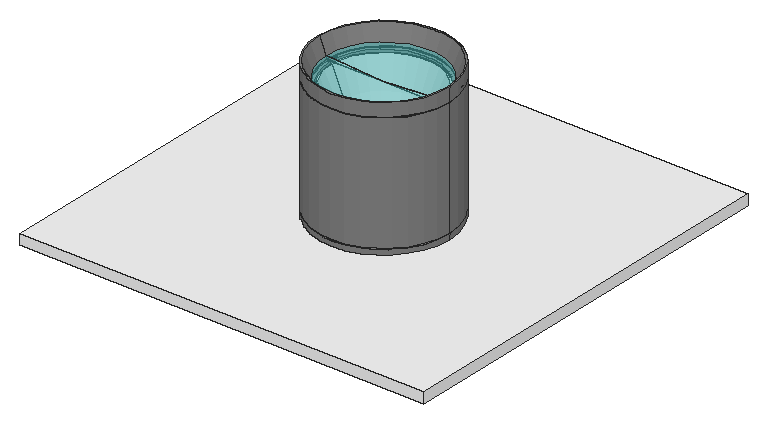
Revit family "BE_24401_de_DE", category Leuchten, Revit 2020
Family settings
  Basisbauteil = Fläche
  Bemaßung runder Anschluss = Durchmesser verwenden
  Teiletyp = Normal
  Beim Laden mit Abzugskörper schneiden = Ja
  Lichtquelle = Ja
  Gemeinsam genutzt = Nein
  Raumberechnungspunkt = Ja
Parameters (values of type "BEGA_24401_Grafit_K4")
  built-in parameter 1150104 = 13.006 (stored number, unit not read)
  Wattage = 16.8 W
  Default Elevation = 0 mm
  built-in parameter 1150113 = 1 (stored number, unit not read)
  built-in parameter 1114218 = 1 (stored number, unit not read)
  Umgebungstemperatur = "25 °C"
  URL = "https://www.bega.com/de/produkt/24401"
  Typenkommentare = "© 2022 BEGA. Wir behalten uns das Recht vor, technische Änderungen ohne vorherige Ankündigung vorzunehmen."  # constant formula
  Type Image = 24401.png
  built-in parameter 1150134 = 12
  built-in parameter 1150109 = 1 (stored number, unit not read)
  Strom = ""
  built-in parameter 1150110 = 1 (stored number, unit not read)
  Spannung = 239.996 V
  Sonderanfertigung = no
  Seriennummer [instance] = "Hier können Sie die eindeutige Seriennummer für das Facility Management eintragen."
  Schutzklasse = "I"
  Schutzart = "IP 65"
  Scheinlast = 0 VA
  Produktdatenblatt = "https://cdn.bega.com/bega/products/24401WK3/current/documents/data-sheets/de"
  Oberflächentemperatur = ""
  Neigungswinkel = 0.00°
  Modell = "24401K4"
  Material_17 = BEGA_Reflektor
  Material_15 = BEGA_Leuchtmedium_matt
  Material_11 = BEGA_Glas_opal
  Material_09 = BEGA_Glas_klar
  Material_06 = BEGA_Oberfläche_Edelstahl_gebürstet
  Material_03 = BEGA_Oberfläche_Weiss_matt
  Material_02 = BEGA_Oberfläche_Silber_matt
  Material_01 [instance] = BEGA_Oberfläche_Grafit_matt
  M_W = no
  M_G = yes
  M_A = no
  Logo = 0
  built-in parameter 1114217 = 1 (stored number, unit not read)
  built-in parameter 1150139 = (empty or 0)
  built-in parameter 1150105 = 187.17 (stored number, unit not read)
  built-in parameter 1150114 = 1 (stored number, unit not read)
  Lumens = 2352 lm
  built-in parameter 1150115 = 1 (stored number, unit not read)
  Leuchtenlichtstrom = "2262 lm"
  Leuchtenanzahl = ""
  Lebensdauerkriterien = "L70B50 @ 25 °C = 180000 h"
  Lastklassifizierung = Beleuchtung
  built-in parameter 1150112 = 1 (stored number, unit not read)
  Lampenlichtstrom = "2920 lm"
  Lampe = "LED 16.8 W"
  LED_Modulbezeichnung = "LED-0800/840"
  Hersteller = "BEGA"  # constant formula
  Halbstreuwinkel = ""
  Gewicht = "1.35 kg"
  Gebrauchslageneinschränkung [instance] = ""
  Frequenz = "0/50-60 Hz"
  Farbwiedergabeindex = "CRI > 80"
  Farbtemperaturverschiebung bei Dämpfen der Lampe = <Keine Auswahl>
  Farbtemperatur = "4000 K"
  Color Filter = 16777215
  built-in parameter 1150133 = 10 (stored number, unit not read)
  Energieeffizienzklasse = "LED A++ - A"
  built-in parameter 1150137 = (empty or 0)
  built-in parameter 1150132 = (empty or 0)
  ENEC = "ja"
  Dimmbar [instance] = "DALI"
  Datei für fotometrisches Netz = "BE_24401K4.IES"
  CE_Konformität = "ja"
  Bestellnummer = "24401K4"
  Beschreibung_Sonderanfertigung = "Hier können Sie Informationen zur Sonderanfertigung eintragen."
  Beschreibung = "Deckenaufbau-Tiefstrahler"
  built-in parameter 1150106 = 1.8717 (stored number, unit not read)
  Befestigungsbohrung = "Ø 4,3 mm"
  Befestigungsabstand = "106 mm"
  Ballwurfsicher = ""
  BEGA_Intern_aus = yes
  BEGA_Intern_an = yes
  BEGA_Intern_Konstruktion = yes
  BEGA_Intern = yes
  BEGA_IES = yes
  BEGA_Dummy = no
  Anschlussleitung = ""
  Anschlussleistung [instance] = "19.3 W"
  Anschlusskasten = ""
  built-in parameter 1150107 = 4000 (stored number, unit not read)
  built-in parameter 1150102 = (empty or 0)
  built-in parameter 1150138 = (empty or 0)
  Aktualisierung = "2022-05-18T04:00:07"
  Abstand_zur_angestrahlten_Fläche [instance] = ""
  AC/DC = "AC/DC"
Types (4, lengths in mm): name | built-in parameter 1150104 | built-in parameter 1150134 | Modell | M_W | M_G | built-in parameter 1150105 | Lumens | Leuchtenlichtstrom | Lampenlichtstrom | LED_Modulbezeichnung | Farbtemperatur | Datei für fotometrisches Netz | Bestellnummer | built-in parameter 1150106 | built-in parameter 1150107
  BEGA_24401_Weiß_K4 | 13.006 (stored number, unit not read) | 12 | "24401WK4" | yes | no | 187.17 (stored number, unit not read) | 2352 lm | "2262 lm" | "2920 lm" | "LED-0800/840" | "4000 K" | "BE_24401K4.IES" | "24401WK4" | 1.8717 (stored number, unit not read) | 4000 (stored number, unit not read)
  BEGA_24401_Grafit_K3 | 12.728 (stored number, unit not read) | (empty or 0) | "24401K3" | no | yes | 183.16 (stored number, unit not read) | 2301.6 lm | "2208 lm" | "2850 lm" | "LED-0800/830" | "3000 K" | "BE_24401K3.IES" | "24401K3" | 1.8316 (stored number, unit not read) | 3000 (stored number, unit not read)
  BEGA_24401_Grafit_K4 | 13.006 (stored number, unit not read) | 12 | "24401K4" | no | yes | 187.17 (stored number, unit not read) | 2352 lm | "2262 lm" | "2920 lm" | "LED-0800/840" | "4000 K" | "BE_24401K4.IES" | "24401K4" | 1.8717 (stored number, unit not read) | 4000 (stored number, unit not read)
  BEGA_24401_Weiß_K3 | 12.728 (stored number, unit not read) | (empty or 0) | "24401WK3" | yes | no | 183.16 (stored number, unit not read) | 2301.6 lm | "2208 lm" | "2850 lm" | "LED-0800/830" | "3000 K" | "BE_24401K3.IES" | "24401WK3" | 1.8316 (stored number, unit not read) | 3000 (stored number, unit not read)
Reference planes
  plane 1 "Mitte (Vorne/Hinten)": y = 0
  plane 2: z = 0
  plane 3 "Mitte (Links/Rechts)": x = 0
  plane 4 "Links": x = -65
  plane 5 "Rechts": x = 65
  plane 6 "Unten": y = -65
  plane 7 "Oben": y = 65
  plane 8 "Vorne": z = 135.379
  plane 9 "Hinten": z = 0
Forms (mm)
  Extrusion 1, solid, material "BEGA_Platte_Weiss"
    sketch origin (0, -1119.2, 0) x (1, 0, 0) y (0, 1, 0)
      loop
        line (-200, 1319.2) -> (-200, 919.2) -> (200, 919.2) -> (200, 1319.2) -> (-200, 1319.2)
    from 0 to -10
  Extrusion 2, solid, material "BEGA_Dummy_matt", visible <- "BEGA_Dummy"
    sketch origin (77.149, -76.023, 0) x (1, 0, 0) y (0, 1, 0)
      loop
        circle (-77.149, 76.023) r 65
    from 0 to 135.379
Dimensions and locks
  plane 1 "Mitte (Vorne/Hinten)" to Extrusion 1 = 200 mm
  aligned and locked: plane 2 to Extrusion 1
  aligned and locked: level to Extrusion 1
Nested families
  nested 1: "BE_24401" at (0, 0, 0), type "BE_24401"
Connectors
  electrical at (0, 0, 0), driven by "Lastklassifizierung", driven by "Spannung", driven by "Scheinlast"
    settings: index 1, voltage 239.996 V, apparent load 0 VA, apparent load phase1 0 VA, apparent load phase2 0 VA, apparent load phase3 0 VA, power factor 1, load classification "Beleuchtung", number of poles 1, system type 31, power factor state 1, is connector primary yes, connector utility no, sub classification motor no, connector description ""
Definition of nested family "BE_24401"
  Parameters (values of type "BE_24401")
    Default Elevation = 1 mm
    URL = "http://www.bega.de/de/produkt"
    Type Comments = "© 2015 BEGA. Wir behalten uns das Recht vor, technische Änderungen ohne vorherige Ankündigung vorzunehmen. "  # constant formula
    Type Image = (empty or 0)
    Neigungswinkel_um_Z2 = 0.00°
    Neigungswinkel_um_Z1 = 0.00°
    Neigungswinkel_um_Y2 = 0.00°
    Neigungswinkel_um_Y1 = 0.00°
    Neigungswinkel_um_X2 = 0.00°
    Neigungswinkel_um_X1 = 0.00°
    Material_17 = none
    Material_15 = none
    Material_11 = none
    Material_09 = none
    Material_06 = none
    Material_03 = none
    Material_02 = none
    Material_01 = none
    M_W = no
    M_G = yes
    M_A = no
    Länge_Platte = 200 mm  # constant formula
    Höhe_Platte = -10 mm  # constant formula
    Manufacturer = "BEGA"  # constant formula
    Drehwinkel_um_Z2 = 0.00°
    Drehwinkel_um_Z1 = 0.00°
    Breite_Platte = 200 mm  # constant formula
  Reference planes
    plane 1 "Mitte (Oben/Unten)": y = 0
    plane 2: z = 0
    plane 3 "Mitte (Links/Rechts)": x = 0
    plane 4 "Hinten": z = -25
    plane 5 "Links": x = -65
    plane 6 "Oben": y = 65
    plane 7 "Unten": y = -65
    plane 8: z = 135.2
    plane 9: x = 65
  Forms (mm)
    Extrusion 1, solid, detail levels medium
      sketch origin (0, 0, 0) x (1, 0, 0) y (0, 1, 0)
        loop
          line (-100, 100) -> (-100, -100) -> (100, -100) -> (100, 100) -> (-100, 100)
      from 0 to -10 <- "Höhe_Platte"
    Revolve 2, solid, material <- "Material_01", visible <- "M_G"
      sketch origin (0, 0, 0) x (1, 0, 0) y (0, 0, 1)
        loop
          line (-65, 121.2) -> (-65, 6) -> (-64.092, 6) -> (-63, 9) -> (-62.1, 25) -> (-55, 25) -> (-54.11, 50.5) -> (0, 50.5) -> (0, 55.5) -> (-53.369, 55.5) -> (-54.966, 101.236)
          arc (-54.966, 101.236) -> (-55.271, 101.92) -> (-55.966, 102.2) r 1
          line (-55.966, 102.2) -> (-62.302, 102.2) -> (-62.845, 117.775) -> (-64.092, 121.2) -> (-65, 121.2)
        axis (0, 6) -> (0, 121.2)
      angle from 0 to 360
    Revolve 3, solid, material <- "Material_17"
      sketch origin (0, 0, 0) x (1, 0, 0) y (0, 0, 1)
        loop
          arc (-52.341, 113) -> (-40.494, 85.573) -> (-25.593, 59.678) r 261.2
          arc (-25.593, 59.678) -> (-25.072, 59.192) -> (-24.386, 59) r 1.5
          line (-24.386, 59) -> (-23, 59)
          arc (-23, 59) -> (-22.613, 59.184) -> (-22.51, 59.6) r 0.5
          arc (-22.51, 59.6) -> (-22.613, 60.016) -> (-23, 60.2) r 0.5
          line (-23, 60.2) -> (-24.484, 60.2)
          arc (-24.484, 60.2) -> (-39.558, 86.414) -> (-51.486, 114.2) r 259.987
          line (-51.486, 114.2) -> (-56.02, 114.198) -> (-56.5, 113) -> (-52.341, 113)
        axis (0, 59) -> (0, 114.2)
      angle from 0 to 360
    Revolve 4, solid, material <- "Material_09"
      sketch origin (0, 0, 0) x (1, 0, 0) y (0, 0, 1)
        loop
          line (0, 120.8) -> (-56, 120.8) -> (-56, 116.7) -> (0, 116.7) -> (0, 120.8)
        axis (0, 120.8) -> (0, 116.7)
      angle from 0 to 360
    Revolve 5, solid, material <- "Material_01", visible <- "M_G"
      sketch origin (0, 0, 0) x (1, 0, 0) y (0, 0, 1)
        loop
          line (-63.5, 135.2) -> (-65, 135.2) -> (-65, 122.217) -> (-62.884, 121.994) -> (-61, 118.468) -> (-62, 117.891) -> (-62, 109.35) -> (-60.078, 108.7) -> (-57.839, 108.7) -> (-57.704, 112.686) -> (-56.75, 114.2) -> (-53.087, 114.2) -> (-53.017, 116.2) -> (-56.465, 116.2) -> (-56.5, 117.2) -> (-63.5, 135.2)
        axis (0, 108.7) -> (0, 135.2)
      angle from 0 to 360
    Revolve 6, solid, material <- "Material_03", visible <- "M_W"
      sketch origin (0, 0, 0) x (1, 0, 0) y (0, 0, 1)
        loop
          line (-65, 121.2) -> (-65, 6) -> (-64.092, 6) -> (-63, 9) -> (-62.1, 25) -> (-55, 25) -> (-54.11, 50.5) -> (0, 50.5) -> (0, 55.5) -> (-53.369, 55.5) -> (-54.966, 101.236)
          arc (-54.966, 101.236) -> (-55.271, 101.92) -> (-55.966, 102.2) r 1
          line (-55.966, 102.2) -> (-62.302, 102.2) -> (-62.845, 117.775) -> (-64.092, 121.2) -> (-65, 121.2)
        axis (0, 6) -> (0, 121.2)
      angle from 0 to 360
    Revolve 7, solid, material <- "Material_03", visible <- "M_W"
      sketch origin (0, 0, 0) x (1, 0, 0) y (0, 0, 1)
        loop
          line (-63.5, 135.2) -> (-65, 135.2) -> (-65, 122.217) -> (-62.884, 121.994) -> (-61, 118.468) -> (-62, 117.891) -> (-62, 109.35) -> (-60.078, 108.7) -> (-57.839, 108.7) -> (-57.704, 112.686) -> (-56.75, 114.2) -> (-53.087, 114.2) -> (-53.017, 116.2) -> (-56.465, 116.2) -> (-56.5, 117.2) -> (-63.5, 135.2)
        axis (0, 108.7) -> (0, 135.2)
      angle from 0 to 360
    Revolve 8, solid, material <- "Material_15"
      sketch origin (0, 0, 0) x (1, 0, 0) y (0, 0, 1)
        loop
          line (0, 55.5) -> (0, 57.05) -> (-16, 57.05) -> (-16, 55.5) -> (0, 55.5)
        axis (0, 55.5) -> (0, 57.05)
      angle from 0 to 360
    Revolve 9, solid, material <- "Material_01", visible <- "M_G"
      sketch origin (0, 0, 0) x (1, 0, 0) y (0, 0, 1)
        loop
          line (0, 16.965) -> (-62, 16.965) -> (-62, 5.299) -> (-65, 4.983) -> (-65, 0) -> (-58.105, 0) -> (-57.651, 13) -> (0, 13) -> (0, 16.965)
        axis (0, 16.965) -> (0, 0)
      angle from 0 to 360
    Extrusion 10, solid, material <- "Material_01", visible <- "M_G"
      sketch origin (0, 0, 0) x (1, 0, 0) y (0, 1, 0)
        loop
          circle (-52.936, 0) r 6.124
        loop
          circle (-52.936, 0) r 2.126
        loop
          circle (52.936, 0) r 6.124
        loop
          circle (52.936, 0) r 2.126
      from 0 to 19.372
    Revolve 11, solid, material <- "Material_03", visible <- "M_W"
      sketch origin (0, 0, 0) x (1, 0, 0) y (0, 0, 1)
        loop
          line (0, 16.965) -> (-62, 16.965) -> (-62, 5.299) -> (-65, 4.983) -> (-65, 0) -> (-58.105, 0) -> (-57.651, 13) -> (0, 13) -> (0, 16.965)
        axis (0, 16.965) -> (0, 0)
      angle from 0 to 360
    Extrusion 12, solid, material <- "Material_03", visible <- "M_W"
      sketch origin (0, 0, 0) x (1, 0, 0) y (0, 1, 0)
        loop
          circle (-52.936, 0) r 6.124
        loop
          circle (-52.936, 0) r 2.126
        loop
          circle (52.936, 0) r 6.124
        loop
          circle (52.936, 0) r 2.126
      from 0 to 19.372
    Extrusion 13, void
      sketch origin (0, 0, 0) x (1, 0, 0) y (0, 1, 0)
        loop
          circle (-25, -37.5) r 7.197
        loop
          circle (-25, 37.5) r 7.197
      from 0 to 18.348
  Cuts and joins
    Extrusion 13 cuts Revolve 9
    Extrusion 13 cuts Extrusion 10
    joined: Revolve 9, Extrusion 10
    Extrusion 13 cuts Revolve 11
    Extrusion 13 cuts Extrusion 12
    joined: Revolve 11, Extrusion 12
    Extrusion 13 cuts Revolve 2
    Extrusion 13 cuts Revolve 3
    Extrusion 13 cuts Revolve 4
    Extrusion 13 cuts Revolve 6
  Dimensions and locks
    equal spacing: Extrusion 1 sketch curve, plane 3 "Mitte (Links/Rechts)", Extrusion 1 sketch curve
    equal spacing: Extrusion 1 sketch curve, plane 1 "Mitte (Oben/Unten)", Extrusion 1 sketch curve
    "Länge_Platte": Extrusion 1 sketch curve to Extrusion 1 sketch curve
    "Breite_Platte": Extrusion 1 sketch curve to Extrusion 1 sketch curve
    aligned and locked: plane 2 to Extrusion 1
    aligned and locked: level to Extrusion 1
  Automatic sketch dimensions
    Revolve 2 sketch curve to plane 3 "Mitte (Links/Rechts)" = 0 mm  (x2)
    Revolve 2 sketch curve to plane 3 "Mitte (Links/Rechts)" = 53.369 mm
    Revolve 2 sketch curve to Revolve 2 sketch curve = 0.74 mm
    Revolve 2 sketch curve to Revolve 2 sketch curve = 1.597 mm
    Revolve 2 sketch curve to Revolve 2 sketch curve = 0.89 mm
    Revolve 2 sketch curve to Revolve 2 sketch curve = 0.999 mm
    Revolve 2 sketch curve to Revolve 2 sketch curve = 7.1 mm
    Revolve 2 sketch curve to Revolve 2 sketch curve = 6.336 mm
    Revolve 2 sketch curve to Revolve 2 sketch curve = 0.544 mm
    level to Revolve 2 sketch curve = 9 mm
    Revolve 2 sketch curve to Revolve 2 sketch curve = 0.9 mm
    Revolve 2 sketch curve to Revolve 2 sketch curve = 1.246 mm
    level to Revolve 2 sketch curve = 6 mm
    Revolve 2 sketch curve to Revolve 2 sketch curve = 1.092 mm
    Revolve 2 sketch curve to Revolve 2 sketch curve = 0.908 mm
    Revolve 2 sketch curve to Revolve 2 sketch curve = 16 mm
    level to Revolve 2 sketch curve = 50.5 mm
    Revolve 2 sketch curve to Revolve 2 sketch curve = 5 mm
    Revolve 2 sketch curve to Revolve 2 sketch curve = 45.7 mm
    Revolve 2 sketch curve to Revolve 2 sketch curve = 0.036 mm
    Revolve 2 sketch curve to Revolve 2 sketch curve = 15.575 mm
    Revolve 2 sketch curve to Revolve 2 sketch curve = 3.425 mm
    Revolve 2 sketch curve to Revolve 2 sketch curve = 8.8 mm
    Revolve 2 sketch curve to Revolve 2 sketch curve = 31.2 mm
    Revolve 3 sketch curve to Revolve 3 sketch curve = 0 mm  (x5)
    Revolve 3 sketch curve to plane 3 "Mitte (Links/Rechts)" = 0 mm
    Revolve 3 sketch curve to plane 3 "Mitte (Links/Rechts)" = 23 mm
    Revolve 3 sketch curve to Revolve 3 sketch curve = 1.337 mm
    Revolve 3 sketch curve to Revolve 3 sketch curve = 1.386 mm
    Revolve 3 sketch curve to Revolve 3 sketch curve = 0.146 mm
    Revolve 3 sketch curve to plane 3 "Mitte (Links/Rechts)" = 51.486 mm
    Revolve 3 sketch curve to Revolve 3 sketch curve = 0.855 mm
    Revolve 3 sketch curve to Revolve 3 sketch curve = 3.68 mm
    Revolve 3 sketch curve to Revolve 3 sketch curve = 0.48 mm
    Revolve 3 sketch curve to Revolve 3 sketch curve = 0.002 mm
    Revolve 3 sketch curve to Revolve 3 sketch curve = 1.198 mm
    Revolve 3 sketch curve to Revolve 3 sketch curve = 0.299 mm
    Revolve 3 sketch curve to Revolve 3 sketch curve = 0.5 mm  (x2)
    Revolve 3 sketch curve to Revolve 3 sketch curve = 0.2 mm
    Revolve 3 sketch curve to Revolve 3 sketch curve = 25.304 mm
    Revolve 3 sketch curve to Revolve 3 sketch curve = 12.968 mm
    Revolve 4 sketch curve to plane 3 "Mitte (Links/Rechts)" = 0 mm  (x2)
    Revolve 4 sketch curve to Revolve 4 sketch curve = 56 mm
    Revolve 4 sketch curve to Revolve 4 sketch curve = 4.1 mm
    Revolve 4 sketch curve to Revolve 4 sketch curve = 6.161 mm
    Revolve 4 sketch curve to Revolve 4 sketch curve = 5 mm
    Revolve 5 sketch curve to plane 3 "Mitte (Links/Rechts)" = 0 mm
    Revolve 5 sketch curve to plane 3 "Mitte (Links/Rechts)" = 53.017 mm
    Revolve 5 sketch curve to Revolve 5 sketch curve = 0.07 mm
    Revolve 5 sketch curve to Revolve 5 sketch curve = 3.448 mm
    Revolve 5 sketch curve to Revolve 5 sketch curve = 0.035 mm
    Revolve 5 sketch curve to Revolve 5 sketch curve = 0.285 mm
    Revolve 5 sketch curve to Revolve 5 sketch curve = 0.954 mm
    Revolve 5 sketch curve to Revolve 5 sketch curve = 0.136 mm
    Revolve 5 sketch curve to Revolve 5 sketch curve = 2.239 mm
    Revolve 5 sketch curve to Revolve 5 sketch curve = 4.5 mm
    Revolve 5 sketch curve to Revolve 5 sketch curve = 1.922 mm
    Revolve 5 sketch curve to Revolve 5 sketch curve = 1.884 mm
    Revolve 5 sketch curve to Revolve 5 sketch curve = 0.616 mm
    Revolve 5 sketch curve to Revolve 5 sketch curve = 2.116 mm
    Revolve 5 sketch curve to Revolve 5 sketch curve = 0.65 mm
    Revolve 5 sketch curve to Revolve 5 sketch curve = 3.986 mm
    Revolve 5 sketch curve to Revolve 5 sketch curve = 1.514 mm
    Revolve 5 sketch curve to Revolve 5 sketch curve = 2 mm
    Revolve 5 sketch curve to Revolve 5 sketch curve = 1 mm
    Revolve 5 sketch curve to Revolve 5 sketch curve = 0.691 mm
    Revolve 5 sketch curve to Revolve 5 sketch curve = 0.577 mm
    Revolve 5 sketch curve to Revolve 5 sketch curve = 3.526 mm
    Revolve 5 sketch curve to Revolve 5 sketch curve = 0.222 mm
    Revolve 5 sketch curve to Revolve 5 sketch curve = 12.983 mm
    Revolve 5 sketch curve to Revolve 5 sketch curve = 15 mm
    Revolve 5 sketch curve to Revolve 5 sketch curve = 16.437 mm
    Revolve 6 sketch curve to plane 3 "Mitte (Links/Rechts)" = 0 mm  (x2)
    Revolve 6 sketch curve to plane 3 "Mitte (Links/Rechts)" = 53.369 mm
    Revolve 6 sketch curve to Revolve 6 sketch curve = 0.74 mm
    Revolve 6 sketch curve to Revolve 6 sketch curve = 1.597 mm
    Revolve 6 sketch curve to Revolve 6 sketch curve = 0.89 mm
    Revolve 6 sketch curve to Revolve 6 sketch curve = 0.999 mm
    Revolve 6 sketch curve to Revolve 6 sketch curve = 7.1 mm
    Revolve 6 sketch curve to Revolve 6 sketch curve = 6.336 mm
    Revolve 6 sketch curve to Revolve 6 sketch curve = 0.544 mm
    level to Revolve 6 sketch curve = 9 mm
    Revolve 6 sketch curve to Revolve 6 sketch curve = 0.9 mm
    Revolve 6 sketch curve to Revolve 6 sketch curve = 1.246 mm
    level to Revolve 6 sketch curve = 6 mm
    Revolve 6 sketch curve to Revolve 6 sketch curve = 1.092 mm
    Revolve 6 sketch curve to Revolve 6 sketch curve = 0.908 mm
    Revolve 6 sketch curve to Revolve 6 sketch curve = 16 mm
    level to Revolve 6 sketch curve = 50.5 mm
    Revolve 6 sketch curve to Revolve 6 sketch curve = 5 mm
    Revolve 6 sketch curve to Revolve 6 sketch curve = 45.7 mm
    Revolve 6 sketch curve to Revolve 6 sketch curve = 0.036 mm
    Revolve 6 sketch curve to Revolve 6 sketch curve = 15.575 mm
    Revolve 6 sketch curve to Revolve 6 sketch curve = 3.425 mm
    Revolve 6 sketch curve to Revolve 6 sketch curve = 8.8 mm
    Revolve 6 sketch curve to Revolve 6 sketch curve = 31.2 mm
    Revolve 7 sketch curve to plane 3 "Mitte (Links/Rechts)" = 0 mm
    Revolve 7 sketch curve to plane 3 "Mitte (Links/Rechts)" = 53.017 mm
    Revolve 7 sketch curve to Revolve 7 sketch curve = 0.07 mm
    Revolve 7 sketch curve to Revolve 7 sketch curve = 3.448 mm
    Revolve 7 sketch curve to Revolve 7 sketch curve = 0.035 mm
    Revolve 7 sketch curve to Revolve 7 sketch curve = 0.285 mm
    Revolve 7 sketch curve to Revolve 7 sketch curve = 0.954 mm
    Revolve 7 sketch curve to Revolve 7 sketch curve = 0.136 mm
    Revolve 7 sketch curve to Revolve 7 sketch curve = 2.239 mm
    Revolve 7 sketch curve to Revolve 7 sketch curve = 4.5 mm
    Revolve 7 sketch curve to Revolve 7 sketch curve = 1.922 mm
    Revolve 7 sketch curve to Revolve 7 sketch curve = 1.884 mm
    Revolve 7 sketch curve to Revolve 7 sketch curve = 0.616 mm
    Revolve 7 sketch curve to Revolve 7 sketch curve = 2.116 mm
    Revolve 7 sketch curve to Revolve 7 sketch curve = 0.65 mm
    Revolve 7 sketch curve to Revolve 7 sketch curve = 3.986 mm
    Revolve 7 sketch curve to Revolve 7 sketch curve = 1.514 mm
    Revolve 7 sketch curve to Revolve 7 sketch curve = 2 mm
    Revolve 7 sketch curve to Revolve 7 sketch curve = 1 mm
    Revolve 7 sketch curve to Revolve 7 sketch curve = 0.691 mm
    Revolve 7 sketch curve to Revolve 7 sketch curve = 0.577 mm
    Revolve 7 sketch curve to Revolve 7 sketch curve = 3.526 mm
    Revolve 7 sketch curve to Revolve 7 sketch curve = 0.222 mm
    Revolve 7 sketch curve to Revolve 7 sketch curve = 12.983 mm
    Revolve 7 sketch curve to Revolve 7 sketch curve = 15 mm
    Revolve 7 sketch curve to Revolve 7 sketch curve = 16.437 mm
    Revolve 8 sketch curve to plane 3 "Mitte (Links/Rechts)" = 0 mm  (x2)
    Revolve 8 sketch curve to Revolve 8 sketch curve = 16 mm
    level to Revolve 8 sketch curve = 55.5 mm
    Revolve 8 sketch curve to Revolve 8 sketch curve = 1.55 mm
    Revolve 8 sketch curve to Revolve 8 sketch curve = 1.95 mm
    Revolve 8 sketch curve to Revolve 8 sketch curve = 2.56 mm
    level to Revolve 3 sketch curve = 59 mm
    Revolve 3 sketch curve to Revolve 3 sketch curve = 52.501 mm
    level to Revolve 4 sketch curve = 116.7 mm
    level to Revolve 5 sketch curve = 108.7 mm
    level to Revolve 7 sketch curve = 108.7 mm
    plane 3 "Mitte (Links/Rechts)" to Revolve 3 sketch curve = 192.978 mm
    Revolve 9 sketch curve to level = 0 mm
    Revolve 9 sketch curve to plane 5 "Links" = 0 mm
    Revolve 9 sketch curve to plane 3 "Mitte (Links/Rechts)" = 0 mm  (x2)
    plane 5 "Links" to Revolve 9 sketch curve = 3 mm
    Revolve 9 sketch curve to Revolve 9 sketch curve = 3.895 mm
    Revolve 9 sketch curve to Revolve 9 sketch curve = 4.349 mm
    Revolve 9 sketch curve to Revolve 9 sketch curve = 4.983 mm
    Revolve 9 sketch curve to Revolve 9 sketch curve = 0.315 mm
    Revolve 9 sketch curve to Revolve 9 sketch curve = 7.701 mm
    Revolve 9 sketch curve to Revolve 9 sketch curve = 3.965 mm
    Revolve 9 sketch curve to Revolve 9 sketch curve = 7.075 mm
    Revolve 9 sketch curve to Revolve 9 sketch curve = 9.203 mm
    Extrusion 10 sketch curve to Extrusion 10 sketch curve = 0 mm  (x4)
    plane 1 "Mitte (Oben/Unten)" to Extrusion 10 sketch curve = 0 mm  (x2)
    plane 5 "Links" to Extrusion 10 sketch curve = 12.064 mm
    Extrusion 10 sketch curve to plane 9 = 12.064 mm
    Revolve 11 sketch curve to level = 0 mm
    Revolve 11 sketch curve to plane 5 "Links" = 0 mm
    Revolve 11 sketch curve to plane 3 "Mitte (Links/Rechts)" = 0 mm  (x2)
    plane 5 "Links" to Revolve 11 sketch curve = 3 mm
    Revolve 11 sketch curve to Revolve 11 sketch curve = 3.895 mm
    Revolve 11 sketch curve to Revolve 11 sketch curve = 4.349 mm
    Revolve 11 sketch curve to Revolve 11 sketch curve = 4.983 mm
    Revolve 11 sketch curve to Revolve 11 sketch curve = 0.315 mm
    Revolve 11 sketch curve to Revolve 11 sketch curve = 7.701 mm
    Revolve 11 sketch curve to Revolve 11 sketch curve = 3.965 mm
    Revolve 11 sketch curve to Revolve 11 sketch curve = 7.075 mm
    Revolve 11 sketch curve to Revolve 11 sketch curve = 9.203 mm
    Extrusion 12 sketch curve to Extrusion 12 sketch curve = 0 mm  (x4)
    plane 1 "Mitte (Oben/Unten)" to Extrusion 12 sketch curve = 0 mm  (x2)
    plane 5 "Links" to Extrusion 12 sketch curve = 12.064 mm
    Extrusion 12 sketch curve to plane 9 = 12.064 mm
    radius of Extrusion 10 sketch curve = 6.124 mm  (x2)
    radius of Extrusion 10 sketch curve = 2.126 mm  (x2)
    radius of Extrusion 12 sketch curve = 6.124 mm  (x2)
    radius of Extrusion 12 sketch curve = 2.126 mm  (x2)
